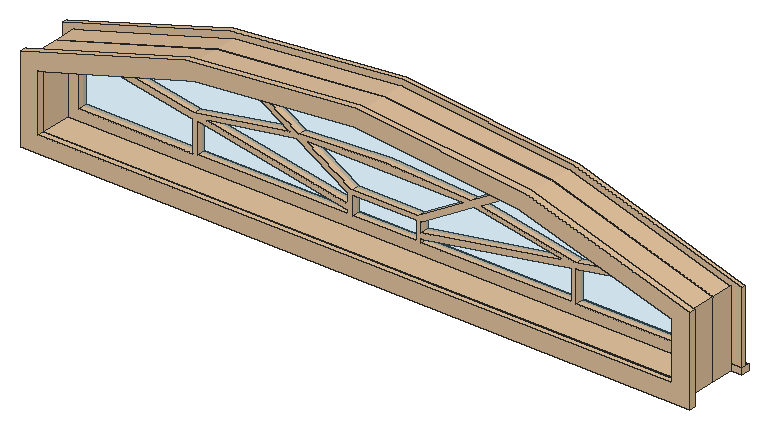
Revit family "DHA Sun Ray Transom", category Windows, host Wall, Revit 2015
Parameters (values of type "36" x 18"")
  Visual Light Transmittance = 0.9
  Thermal Resistance (R) = 1.5394 (h·ft²·°F)/BTU
  Solar Heat Gain Coefficient = 0.78
  Construction Type Id = "GSP4R"
  Heat Transfer Coefficient (U) = 0.6496 BTU/(h·ft²·°F)
  Assembly Code = "B2020100"
  Glass Pane Material = Glass
  Height = 355.6 mm
  Sash Material = Sash
  Default Sill Height = 2159 mm
  Trim Exterior Material = Trim
  Trim Interior Material = Trim
  Trim Projection - Ext. = 12.7 mm
  Trim Projection - Int. = 19.05 mm
  Trim Width - Exterior = 50.8 mm
  Trim Width - Interior = 50.8 mm
  Wall Closure = By host
  Width = 1905 mm
  Window Inset = 19.05 mm
  Analytic Construction = "1/8 in Pilkington single glazing"
Types (10, lengths in mm): name | Glass Pane Material | Height | Sash Material | Trim Exterior Material | Trim Interior Material | Trim Width - Exterior | Trim Width - Interior | Width
  24" x 24" | Glass | 609.6 | Sash | Trim | Trim | 88.9 | 88.9 | 609.6
  36" x 24" | Glass | 609.6 | Sash | Trim | Trim | 88.9 | 88.9 | 914.4
  48" x 24" | Glass | 609.6 | Sash | Trim | Trim | 88.9 | 88.9 | 1219.2
  60" x 24" | none | 609.6 | none | none | none | 88.9 | 88.9 | 1524
  72" x 24" | Glass | 609.6 | Sash | Trim | Trim | 88.9 | 88.9 | 1828.8
  24" x 18" | Glass | 457.2 | Sash | Trim | Trim | 88.9 | 88.9 | 609.6
  36" x 18" | Glass | 355.6 | Sash | Trim | Trim | 50.8 | 50.8 | 1905
  48" x 18" | Glass | 457.2 | Sash | Trim | Trim | 88.9 | 88.9 | 1219.2
  60" x 18" | Glass | 457.2 | Sash | Trim | Trim | 88.9 | 88.9 | 1524
  72" x 18" | Glass | 457.2 | Sash | Trim | Trim | 88.9 | 88.9 | 1828.8
Reference planes
  plane 1: y = 0
  plane 2: z = 0
  plane 3 "Center": x = -38.1
  plane 4 "Left": x = -990.6
  plane 5 "Right": x = 914.4
  plane 6 "Sill": z = 2159
  plane 7 "Top": z = 2514.6
  plane 8: y = 76.2
  plane 9: y = -76.2
  plane 10: y = 57.15
  plane 11: x = -971.55
  plane 12: x = -958.85
  plane 13: x = 895.35
  plane 14: x = 882.65
  plane 15: x = -1022.35
  plane 16: x = -1009.65
  plane 17: x = 933.45
  plane 18: x = 946.15
  plane 19: z = 2546.35
  plane 20: z = 2495.55
  plane 21: z = 2482.85
  plane 22: z = 2533.65
  plane 23: z = 2190.75
  plane 24: z = 2139.95
  plane 25 "Closure": y = 34.925
Forms (mm)
  Extrusion 1, solid, material "Sash" <- "Sash Material"
    sketch origin (0, 0, 0) x (1, 0, 0) y (0, 0, 1)
      loop
        line (-990.6, 2379.342) -> (-990.6, 2159) -> (914.4, 2159) -> (914.4, 2379.342)
        arc (914.4, 2379.342) -> (-38.1, 2565.65) -> (-990.6, 2379.342) r 2527.988
      loop
        line (-971.55, 2366.544) -> (-971.55, 2178.05) -> (895.35, 2178.05) -> (895.35, 2366.544)
        arc (895.35, 2366.544) -> (-38.1, 2546.65) -> (-971.55, 2366.544) r 2508.988
    from -76.2 to -12.7
  Extrusion 2, solid, material "Sash" <- "Sash Material"
    sketch origin (0, 0, 0) x (-1, 0, 0) y (0, 0, 1)
      loop
        line (-914.4, 2379.342) -> (-914.4, 2159) -> (990.6, 2159) -> (990.6, 2379.342)
        arc (990.6, 2379.342) -> (38.1, 2565.65) -> (-914.4, 2379.342) r 2527.988
      loop
        line (-882.65, 2357.614) -> (-882.65, 2190.75) -> (958.85, 2190.75) -> (958.85, 2357.614)
        arc (958.85, 2357.614) -> (38.1, 2533.65) -> (-882.65, 2357.614) r 2495.988
    from 12.7 to -76.2
  Extrusion 3, solid, material "Sash" <- "Sash Material"
    sketch origin (0, 0, 0) x (-1, 0, 0) y (0, 0, 1)
      loop
        line (-895.35, 2352.533) -> (-895.35, 2178.05) -> (971.55, 2178.05) -> (971.55, 2352.533)
        arc (971.55, 2352.533) -> (38.1, 2533.65) -> (-895.35, 2352.533) r 2495.988
      loop
        line (-850.9, 2329.145) -> (-850.9, 2222.5) -> (-517.87, 2222.5) -> (-517.87, 2312.409) -> (-773.888, 2357.552)
        arc (-773.888, 2357.552) -> (-812.512, 2343.67) -> (-850.9, 2329.145) r 2457.888
      loop
        arc (927.1, 2329.145) -> (888.712, 2343.67) -> (850.088, 2357.552) r 2457.888
        line (850.088, 2357.552) -> (594.07, 2312.409) -> (594.07, 2222.5) -> (927.1, 2222.5) -> (927.1, 2329.145)
      loop
        line (-67.9, 2249.314) -> (-67.9, 2276.858) -> (-220.075, 2368.294)
        arc (-220.075, 2368.294) -> (-353.927, 2349.548) -> (-486.476, 2323.12) r 2344.888
        line (-486.476, 2323.12) -> (-67.9, 2249.314)
      loop
        line (-67.9, 2233.067) -> (-505.87, 2310.293) -> (-505.87, 2222.5) -> (-67.9, 2222.5) -> (-67.9, 2233.067)
      loop
        arc (-56.78, 2288.843) -> (38.011, 2290.696) -> (132.799, 2288.734) r 2356.888
        line (132.799, 2288.734) -> (269.832, 2371.072)
        arc (269.832, 2371.072) -> (38.1, 2382.55) -> (-193.632, 2371.072) r 2344.888
        line (-193.632, 2371.072) -> (-56.78, 2288.843)
      loop
        line (144.1, 2276.858) -> (144.1, 2249.314) -> (562.676, 2323.12)
        arc (562.676, 2323.12) -> (430.127, 2349.548) -> (296.275, 2368.294) r 2344.888
        line (296.275, 2368.294) -> (144.1, 2276.858)
      loop
        line (144.1, 2233.067) -> (144.1, 2222.5) -> (582.07, 2222.5) -> (582.07, 2310.293) -> (144.1, 2233.067)
      loop
        line (592.592, 2328.395) -> (818.771, 2368.277)
        arc (818.771, 2368.277) -> (636.26, 2421.654) -> (450.167, 2460.762) r 2457.888
        line (450.167, 2460.762) -> (313.167, 2378.444)
        arc (313.167, 2378.444) -> (453.634, 2357.63) -> (592.592, 2328.395) r 2356.888
      loop
        line (132.1, 2222.5) -> (132.1, 2276.753)
        arc (132.1, 2276.753) -> (38.101, 2278.695) -> (-55.9, 2276.868) r 2344.888
        line (-55.9, 2276.868) -> (-55.9, 2222.5) -> (132.1, 2222.5)
      loop
        arc (425.791, 2464.781) -> (38.1, 2495.55) -> (-349.591, 2464.781) r 2457.888
        line (-349.591, 2464.781) -> (-210.776, 2381.373)
        arc (-210.776, 2381.373) -> (38.1, 2394.55) -> (286.976, 2381.373) r 2356.888
        line (286.976, 2381.373) -> (425.791, 2464.781)
      loop
        arc (-373.967, 2460.762) -> (-560.06, 2421.654) -> (-742.571, 2368.277) r 2457.888
        line (-742.571, 2368.277) -> (-516.392, 2328.395)
        arc (-516.392, 2328.395) -> (-377.434, 2357.63) -> (-236.967, 2378.444) r 2356.888
        line (-236.967, 2378.444) -> (-373.967, 2460.762)
    from 12.7 to 37.7
  Extrusion 4, solid, material "Glass" <- "Glass Pane Material"
    sketch origin (-124.971, 0, -117.036) x (1, 0, 0) y (0, 0, 1)
      loop
        line (-808.129, 2454.577) -> (-808.129, 2333.536) -> (981.871, 2333.536) -> (981.871, 2454.577)
        arc (981.871, 2454.577) -> (86.871, 2622.586) -> (-808.129, 2454.577) r 2467.888
    from -41.275 to -28.575
  Extrusion 5, solid, material "Trim" <- "Trim Interior Material"
    sketch origin (0, 0, 0) x (1, 0, 0) y (0, 0, 1)
      loop
        line (-958.85, 2357.614) -> (-958.85, 2190.75) -> (882.65, 2190.75) -> (882.65, 2357.614)
        arc (882.65, 2357.614) -> (-38.1, 2533.65) -> (-958.85, 2357.614) r 2495.988
      loop
        line (-1009.65, 2390.988) -> (-1009.65, 2139.95) -> (933.45, 2139.95) -> (933.45, 2390.988)
        arc (933.45, 2390.988) -> (-38.1, 2583.65) -> (-1009.65, 2390.988) r 2545.988
    from 76.2 to 95.25
  Extrusion 6, solid, material "Trim" <- "Trim Exterior Material"
    sketch origin (0, 0, 0) x (-1, 0, 0) y (0, 0, 1)
      loop
        arc (-895.35, 2352.533) -> (38.1, 2533.65) -> (971.55, 2352.533) r 2495.988
        line (971.55, 2352.533) -> (971.55, 2178.05) -> (1022.35, 2178.05) -> (1022.35, 2385.705)
        arc (1022.35, 2385.705) -> (38.1, 2583.65) -> (-946.15, 2385.705) r 2545.988
        line (-946.15, 2385.705) -> (-946.15, 2178.05) -> (-895.35, 2178.05) -> (-895.35, 2352.533)
    from 76.2 to 88.9
  Extrusion 7, solid, material "Trim" <- "Trim Exterior Material"
    sketch origin (0, 0, 0) x (-1, 0, 0) y (0, 0, 1)
      loop
        line (-946.15, 2178.05) -> (-946.15, 2159) -> (1022.35, 2159) -> (1022.35, 2178.05) -> (-946.15, 2178.05)
    from 76.2 to 101.6
Lines and regions (mm)
  Opening 1
    outline origin (-1524, -76.2, 0) x (1, 0, 0) y (0, 0, 1)
      loop
        line (533.4, 2378.263) -> (533.4, 2159) -> (2438.4, 2159) -> (2438.4, 2378.263)
        arc (2438.4, 2378.263) -> (1485.9, 2564.65) -> (533.4, 2378.263) r 2526.988
  symbolic lines, style "WindowsFrameMullionProjection"
    curve 1: line (-990.6, 76.2, 0) -> (-971.55, 76.2, 0)
    curve 2: line (-971.55, 12.7, 0) -> (-971.55, 76.2, 0)
    curve 3: line (-971.55, 12.7, 0) -> (-958.85, 12.7, 0)
    curve 4: line (-958.85, -76.2, 0) -> (-958.85, 12.7, 0)
    curve 5: line (914.4, 76.2, 0) -> (895.35, 76.2, 0)
    curve 6: line (882.65, 12.7, 0) -> (882.65, -76.2, 0)
    curve 7: line (882.65, 12.7, 0) -> (895.35, 12.7, 0)
    curve 8: line (895.35, 12.7, 0) -> (895.35, 76.2, 0)
    curve 9: line (-971.55, 57.15, 0) -> (-927.1, 57.15, 0)
    curve 10: line (-971.55, 57.15, 0) -> (-971.55, 12.7, 0)
    curve 11: line (-971.55, 12.7, 0) -> (-927.1, 12.7, 0)
    curve 12: line (-927.1, 57.15, 0) -> (-927.1, 12.7, 0)
    curve 13: line (895.35, 57.15, 0) -> (850.9, 57.15, 0)
    curve 14: line (895.35, 57.15, 0) -> (895.35, 12.7, 0)
    curve 15: line (895.35, 12.7, 0) -> (850.9, 12.7, 0)
    curve 16: line (850.9, 57.15, 0) -> (850.9, 12.7, 0)
    curve 18: line (-958.85, -76.2, 0) -> (-990.6, -76.2, 0)
    curve 19: line (882.65, -76.2, 0) -> (914.4, -76.2, 0)
  symbolic lines, style "WindowsGlassProjection"
    curve 17: line (-927.1, 34.925, 0) -> (850.9, 34.925, 0)
  model lines
    curve 20: arc (-971.55, 37.7, 2311.4) -> (-38.1, 37.7, 2495.55) -> (895.35, 37.7, 2311.4) r 2457.888
Text (mm)
  text "EXTERIOR" at (-1437.207, 1354.346, 0), in view "Floor Line"
  text "INTERIOR" at (-1490.695, -895.805, 0), in view "Floor Line"
  text "Exterior" at (0, 1108.87, 3415.022), in view "Left"
  text "Exterior" at (0, 464.664, 3176.206), in view "Right"
Dimensions and locks
  equal spacing: plane 4 "Left", plane 3 "Center", plane 5 "Right"
  "Width": plane 4 "Left" to plane 5 "Right"
  plane 2 to plane 24 to plane 6 "Sill" to plane 21 to plane 7 "Top" = 2139.95 mm, 19.05 mm, 323.85 mm, 31.75 mm
  "Window Inset": plane 8 to plane 10
  locked: plane 10 to Extrusion 3 at 44.45
  locked: plane 10 to Extrusion 4 at 15.875
  locked: Extrusion 4 to Extrusion 4 at 12.7
  "Trim Projection - Int.": Extrusion 5 to Extrusion 5
  "Trim Projection - Ext.": Extrusion 6 to Extrusion 6
  locked: Extrusion 7 sketch curve to Extrusion 1 at 19.05
  locked: Extrusion 7 to Extrusion 6 at 12.7
  locked: plane 4 "Left" to plane 11 at 19.05
  locked: plane 13 to plane 5 "Right" at 19.05
  locked: plane 14 to plane 5 "Right" at 31.75
  locked: plane 4 "Left" to plane 12 at 31.75
  "Trim Width - Exterior": plane 13 to plane 18
  "Trim Width - Exterior": plane 15 to plane 11
  locked: plane 20 to plane 7 "Top" at 19.05
  "Trim Width - Exterior": plane 20 to plane 19
  "Trim Width - Interior": plane 16 to plane 12
  "Trim Width - Interior": plane 14 to plane 17
  locked: plane 7 "Top" to plane 21 at 31.75
  "Trim Width - Interior": plane 22 to plane 21
  locked: plane 23 to plane 6 "Sill" at 31.75
  "Trim Width - Interior": plane 23 to plane 24
  "Height": plane 7 "Top" to plane 6 "Sill"
  "Default Sill Height": plane 6 "Sill" to plane 2
  locked: plane 25 "Closure" to plane 10 at 22.225
  Extrusion 6 to plane 16 to Extrusion 6 = 1955.8 mm, 12.7 mm
  aligned and locked: plane 6 "Sill" to Opening 1 sketch curve  (x2)
  aligned and locked: plane 5 "Right" to Opening 1 sketch curve
  aligned and locked: plane 4 "Left" to Opening 1 sketch curve
  aligned and locked: plane 9 to host wall
  aligned and locked: host wall to Extrusion 2
  aligned and locked: plane 8 to host wall
  aligned and locked: host wall to Extrusion 1
  aligned and locked: Extrusion 2 to Extrusion 1
  aligned and locked: Extrusion 1 to Extrusion 3
  aligned and locked: curve 5 to Extrusion 1
  aligned and locked: curve 6 to Extrusion 2
  aligned and locked: curve 4 to Extrusion 2
  aligned and locked: curve 16 to Extrusion 3
  aligned and locked: Extrusion 1 to curve 11
  aligned and locked: Extrusion 1 to curve 7
  aligned and locked: Extrusion 5 sketch curve to Extrusion 2  (x2)
  aligned and locked: Extrusion 5 to host wall
  aligned and locked: Extrusion 6 sketch curve to Extrusion 1  (x2)
  aligned and locked: Extrusion 6 to host wall
  aligned and locked: Extrusion 7 sketch curve to Extrusion 6  (x2)
  aligned and locked: Extrusion 7 to host wall
Automatic sketch dimensions
  Extrusion 1 sketch curve to plane 6 "Sill" = 0 mm
  Extrusion 1 sketch curve to plane 6 "Sill" = 19.05 mm
  Extrusion 2 sketch curve to plane 4 "Left" = 0 mm
  Extrusion 2 sketch curve to plane 6 "Sill" = 0 mm
  Extrusion 2 sketch curve to plane 6 "Sill" = 31.75 mm
  Extrusion 7 sketch curve to plane 15 = 0 mm
  Extrusion 5 sketch curve to plane 17 = 0 mm
  Extrusion 5 sketch curve to plane 24 = 0 mm
  Extrusion 6 sketch curve to plane 15 = 0 mm
  Extrusion 6 sketch curve to plane 6 "Sill" = 19.05 mm
  curve 20 to Extrusion 3 = 0 mm
  Extrusion 3 to curve 20 = 0 mm
  Extrusion 3 to curve 20 = 2140.388 mm
  Extrusion 3 to curve 20 = 889 mm
  Extrusion 3 to curve 20 = 88.9 mm
  host wall to curve 18 = 0 mm
  curve 18 to plane 4 "Left" = 0 mm
  curve 1 to host wall = 0 mm
  curve 1 to plane 4 "Left" = 0 mm
  curve 2 to plane 11 = 0 mm
  curve 17 to plane 25 "Closure" = 0 mm
  curve 9 to plane 10 = 0 mm
  curve 14 to plane 10 = 0 mm
  curve 14 to plane 13 = 0 mm
  host wall to curve 19 = 0 mm
  curve 19 to plane 5 "Right" = 0 mm
  curve 11 to plane 12 = 31.75 mm
  Extrusion 3 sketch curve to Extrusion 3 sketch curve = 0 mm  (x30)
  plane 13 to Extrusion 3 sketch curve = 0 mm
  Extrusion 3 sketch curve to plane 3 "Center" = 0 mm
  plane 11 to Extrusion 3 sketch curve = 0 mm
  plane 14 to Extrusion 3 sketch curve = 31.75 mm
  Extrusion 3 sketch curve to plane 12 = 31.75 mm
  plane 23 to Extrusion 3 sketch curve = 12.7 mm
  Extrusion 3 sketch curve to Extrusion 3 sketch curve = 23.388 mm  (x2)
  Extrusion 3 sketch curve to plane 23 = 58.564 mm
  Extrusion 3 sketch curve to plane 23 = 42.317 mm  (x2)
  plane 21 to Extrusion 3 sketch curve = 22.088 mm  (x2)
  plane 21 to Extrusion 3 sketch curve = 18.069 mm  (x2)
  Extrusion 3 sketch curve to Extrusion 3 sketch curve = 31.316 mm  (x2)
  level to Extrusion 3 sketch curve = 37.662 mm
  Extrusion 3 sketch curve to Extrusion 3 sketch curve = 77.012 mm
  Extrusion 3 sketch curve to Extrusion 3 sketch curve = 24.376 mm  (x2)
  Extrusion 3 sketch curve to Extrusion 3 sketch curve = 0.699 mm
  Extrusion 3 sketch curve to Extrusion 3 sketch curve = 0.105 mm
  Extrusion 3 sketch curve to Extrusion 3 sketch curve = 28.407 mm
  Extrusion 3 sketch curve to Extrusion 3 sketch curve = 10.725 mm  (x2)
  plane 21 to Extrusion 3 sketch curve = 114.556 mm  (x2)
  plane 21 to Extrusion 3 sketch curve = 111.778 mm
  Extrusion 3 sketch curve to Extrusion 3 sketch curve = 16.892 mm  (x2)
  plane 21 to Extrusion 3 sketch curve = 104.406 mm  (x2)
  Extrusion 3 sketch curve to Extrusion 3 sketch curve = 9.298 mm  (x2)
  plane 21 to Extrusion 3 sketch curve = 101.477 mm  (x2)
  Extrusion 3 sketch curve to Extrusion 3 sketch curve = 17.145 mm
  Extrusion 3 sketch curve to plane 23 = 119.543 mm  (x2)
  Extrusion 3 sketch curve to Extrusion 3 sketch curve = 29.916 mm
  Extrusion 3 sketch curve to plane 23 = 121.659 mm
  Extrusion 3 sketch curve to plane 23 = 137.645 mm
  Extrusion 3 sketch curve to Extrusion 3 sketch curve = 12 mm  (x4)
  Extrusion 3 sketch curve to Extrusion 3 sketch curve = 16.247 mm
  Extrusion 3 sketch curve to plane 23 = 31.75 mm
  plane 3 "Center" to Extrusion 3 sketch curve = 106 mm
  Extrusion 3 sketch curve to Extrusion 3 sketch curve = 11.12 mm
  plane 3 "Center" to Extrusion 3 sketch curve = 1.441 mm
  Extrusion 3 sketch curve to plane 3 "Center" = 94 mm
  Extrusion 3 sketch curve to level = 66.192 mm
  Extrusion 3 sketch curve to Extrusion 3 sketch curve = 27.439 mm
  Extrusion 3 sketch curve to Extrusion 3 sketch curve = 0.01 mm
  Extrusion 3 sketch curve to Extrusion 3 sketch curve = 11.981 mm
  Extrusion 3 sketch curve to Extrusion 3 sketch curve = 19.394 mm
  Extrusion 3 sketch curve to Extrusion 3 sketch curve = 1.477 mm
  Extrusion 3 sketch curve to Extrusion 3 sketch curve = 10.523 mm
  Extrusion 3 sketch curve to Extrusion 3 sketch curve = 12.827 mm
  Extrusion 3 sketch curve to Extrusion 3 sketch curve = 15.986 mm
  Extrusion 3 sketch curve to Extrusion 3 sketch curve = 10.567 mm
  Extrusion 3 sketch curve to Extrusion 3 sketch curve = 26.443 mm
  Extrusion 3 sketch curve to Extrusion 3 sketch curve = 112.509 mm
  Extrusion 4 sketch curve to plane 3 "Center" = 0 mm
  level to Extrusion 4 sketch curve = 37.662 mm
  Extrusion 4 sketch curve to plane 12 = 25.75 mm
  plane 14 to Extrusion 4 sketch curve = 25.75 mm
  Extrusion 4 sketch curve to plane 23 = 25.75 mm
  Extrusion 4 sketch curve to Extrusion 4 sketch curve = 121.042 mm
  Extrusion 6 sketch curve to plane 3 "Center" = 0 mm
  level to Extrusion 6 sketch curve = 37.662 mm
  plane 21 to Extrusion 6 sketch curve = 130.317 mm
  plane 13 to Extrusion 6 sketch curve = 0 mm
  Extrusion 6 sketch curve to Extrusion 6 sketch curve = 0 mm  (x2)
  Extrusion 6 sketch curve to Extrusion 6 sketch curve = 33.172 mm
  plane 18 to Extrusion 6 sketch curve = 0 mm
  Extrusion 5 sketch curve to Extrusion 5 sketch curve = 0 mm  (x2)
  plane 12 to Extrusion 5 sketch curve = 0 mm
  Extrusion 5 sketch curve to plane 3 "Center" = 0 mm
  level to Extrusion 5 sketch curve = 37.662 mm
  plane 21 to Extrusion 5 sketch curve = 125.236 mm
  Extrusion 5 sketch curve to Extrusion 5 sketch curve = 33.375 mm
  plane 16 to Extrusion 5 sketch curve = 0 mm
  Extrusion 2 sketch curve to plane 3 "Center" = 0 mm
  level to Extrusion 2 sketch curve = 37.662 mm
  plane 21 to Extrusion 2 sketch curve = 125.236 mm
  Extrusion 2 sketch curve to Extrusion 2 sketch curve = 0 mm  (x2)
  Extrusion 2 sketch curve to Extrusion 2 sketch curve = 21.729 mm
  plane 12 to Extrusion 2 sketch curve = 0 mm
  plane 14 to Extrusion 2 sketch curve = 0 mm
  plane 5 "Right" to Extrusion 2 sketch curve = 0 mm
  Opening 1 sketch curve to plane 3 "Center" = 0 mm
  level to Opening 1 sketch curve = 37.662 mm
  plane 21 to Opening 1 sketch curve = 104.587 mm
  Extrusion 1 sketch curve to plane 3 "Center" = 0 mm
  level to Extrusion 1 sketch curve = 37.662 mm
  Extrusion 1 sketch curve to Extrusion 1 sketch curve = 0 mm  (x2)
  plane 11 to Extrusion 1 sketch curve = 0 mm
  Extrusion 1 sketch curve to Extrusion 1 sketch curve = 12.798 mm
  plane 4 "Left" to Extrusion 1 sketch curve = 0 mm
  plane 13 to Extrusion 1 sketch curve = 0 mm
  plane 21 to Extrusion 1 sketch curve = 116.306 mm
  plane 5 "Right" to Extrusion 1 sketch curve = 0 mm
  curve 5 to plane 5 "Right" = 0 mm
